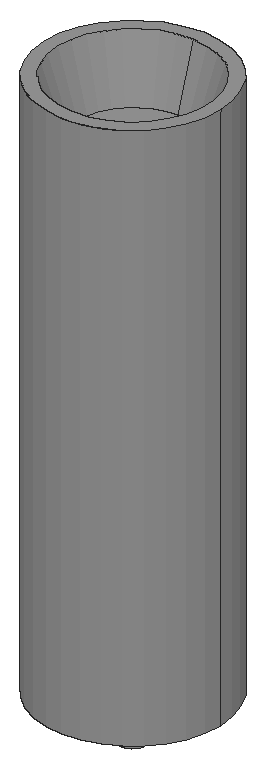
Revit family "2061016 Sylvania Lighting Fixture TubiXx LED surface 3000K white-white", category Lighting Fixtures, host Face, Revit 2016
Family settings
  Host = Face
  Part Type = Normal
  Round Connector Dimension = Use Diameter
  OmniClass Number = 23.80.70.00
  OmniClass Title = Lighting
  Cut with Voids When Loaded = No
  Light Source = Yes
  Shared = No
  Room Calculation Point = No
Parameters (values of type "2061016 TUBIXX LED SURFACE 3000K WHITE-WHITE")
  Weight = "n/a"
  Wattage Comments = ""
  Wattage = 9.2903 W
  WarrantyStartDate [instance] = "n/a"
  WarrantyGuarantorParts = "n/a"
  WarrantyDurationUnit = "n/a"
  WarrantyDurationParts = ""
  WarrantyDescription = "http://www.sylvania-lighting.com"
  built-in parameter 1150110 = 1 (stored number, unit not read)
  Voltage = 0 V
  URL = "0.95"
  TypeName = "TubiXx LED surface 3000K white-white"
  Type Image = <None>
  Type Comments = "n/a"
  Tube Recess = 28 mm
  Tube Diameter = 80 mm
  built-in parameter 1114217 = 1 (stored number, unit not read)
  Tilt Angle = 90.00°
  built-in parameter 1150109 = 1 (stored number, unit not read)
  built-in parameter 1150134 = 3
  built-in parameter 1150113 = 1 (stored number, unit not read)
  SerialNumber [instance] = "n/a"
  Photometric Web File = "2061016.ies"
  Material_3_FEILO = none
  PowerFactor = 0
  PowerConsumption = "Lighting"
  NominalLength = 0 mm
  NominalHeight = 0 mm
  NominalDepth = 0 mm
  Name = "TubiXx LED surface 3000K white-white"
  ModelReference = Name  # "TubiXx LED surface 3000K white-white"
  ModelNumber = "2061016"
  Model = Name  # "TubiXx LED surface 3000K white-white"
  Material = "Feilo Sylvania"
  ManufacturerName = "91 lm/W"
  Manufacturer = ""
  LuminousEfficacy = ""
  built-in parameter 1150105 = 109.82 (stored number, unit not read)
  Lumens = 1380 lm
  LuminaireType = "0"
  built-in parameter 1150115 = 1 (stored number, unit not read)
  LightOutputRatio = "LED"
  built-in parameter 1150137 = (empty or 0)
  built-in parameter 1150139 = (empty or 0)
  LampsType = Lamp  # "n/a"
  LampNominalLuminous = "3000 K"
  LampMacAdamStep = "92"
  LampColourTemperature = "LED"
  LampColourRenderingIndex = "16500"
  built-in parameter 1150112 = 1 (stored number, unit not read)
  built-in parameter 1150114 = 1 (stored number, unit not read)
  Lamp = "n/a"
  Keynote = "n/a"
  InstallationDate [instance] = "n/a"
  InputVoltage = "0"
  InputNominalFrequency = "3000"
  built-in parameter 1150132 = (empty or 0)
  built-in parameter 1150102 = (empty or 0)
  built-in parameter 1150107 = 3200 (stored number, unit not read)
  built-in parameter 1150138 = (empty or 0)
  IngressProtection = "IfcLightFixtureType"
  ImpactProtectionIndex = "IfcLightFixtureType"
  built-in parameter 1150106 = 1.0982 (stored number, unit not read)
  IfcExportType = "IfcLightFixtureType"
  IfcExportAs = "Class I"
  Height = 250 mm
  ExpectedLife = 50000
  Emit from Circle Diameter = 609.6 mm
  Emit Shape Visible in Rendering = no
  ElectricShockClassification = "91"
  built-in parameter 1150104 = 13.8 (stored number, unit not read)
  DurationUnit = "hours"
  DocumentationLiterature = "http://www.sylvania-lighting.com/product/en-int/products/2061016"
  DimmingControlOptions = "n/a"
  Material_2_FEILO = none
  Dimming Lamp Color Temperature Shift = <None>
  Description = "TubiXx LED Surface Mounted is a decorative Surface Mounted fixture with integrated driver, equipped with an integrated non-dimmable LED driver, White finish with White reflector, colour temperature 3000K, 14W, 1267lm, 91lm/W, IP20, IK02, Class I. Dimensions 250mmx80mm."
  Default Elevation = 1219.2 mm
  CreatedOn = "22/11/2019"
  CreatedBy = "@sylvania-lighting.com"
  Cost = 0
  Color Filter = 16777215
  built-in parameter 1114216 [instance] = (empty or 0)
  ClassificationValue = "EF_70_80"
  ClassificationName = "Uniclass2015"
  Material_1_FEILO = none
  Cable Clamp Height = 20 mm
  BarCode [instance] = "n/a"
  built-in parameter 1114218 = 1 (stored number, unit not read)
  built-in parameter 1150133 = 10 (stored number, unit not read)
  AssetType = "Fixed"
  AssetIdentifier [instance] = "n/a"
  Assembly Code = "D5020200"
  Apparent Load = 14 VA
  Material_4_FEILO = none
Reference planes
  plane 1 "Center (Front/Back)": y = 0
  plane 2: z = 0
  plane 3 "Center (Left/Right)": x = 0
  plane 4: x = 40
  plane 5: x = -40
  plane 6: y = 40
  plane 7: y = -40
  plane 8: z = 250
  plane 9: z = 0
  plane 10: z = 222
Forms (mm)
  Extrusion 1, solid, material "Aluminum", detail levels medium+fine
    sketch origin (4.2, 0, 0) x (1, 0, 0) y (0, 1, 0)
      loop
        circle (-4.2, 0) r 40
    from 0 to 250
  Blend 2, void
    base sketch origin (4.2, 0, 0) x (0, 1, 0) y (-1, 0, 0)
      loop
        circle (0, 4.2) r 25
    top sketch origin (4.2, 0, 0) x (0, 1, 0) y (-1, 0, 0)
      loop
        circle (0, 4.2) r 34
    from 222 to 250
  Extrusion 3, solid, material "Plastic, Opaque Black", detail levels fine
    sketch origin (3.621, -0.001, 0) x (0, 1, 0) y (1, 0, 0)
      loop
        circle (0.002, -3.635) r 6
    from 0 to 20
  Extrusion 4, solid, detail levels coarse
    sketch origin (4.2, 0, 0) x (0, 1, 0) y (1, 0, 0)
      loop
        line (39.967, 35.75) -> (-40.071, 35.75) -> (-40.071, -44.142) -> (39.967, -44.142) -> (39.967, 35.75)
    from -250 to 0
  Extrusion 5, solid, material "Glass, White, High Luminance", detail levels fine
    sketch origin (4.2, 0, 222) x (0, 1, 0) y (-1, 0, 0)
      loop
        circle (0.004, 4.166) r 25.024
    from 0 to 1
Cuts and joins
  Blend 2 cuts Extrusion 1
Dimensions and locks
  "Tube Diameter": plane 5 to plane 4
  equal spacing: plane 5, plane 3 "Center (Left/Right)", plane 4
  "Tube Diameter": plane 6 to plane 7
  equal spacing: plane 6, plane 1 "Center (Front/Back)", plane 7
  "Height": plane 8 to host face
  "Tube Recess": plane 8 to plane 10
  aligned and locked: plane 2 to host face
  aligned and locked: level to host face
Automatic sketch dimensions
  host sketch curve to host sketch curve = 2438.4 mm  (x2)
  plane 1 "Center (Front/Back)" to Extrusion 1 sketch curve = 0 mm
  Extrusion 1 sketch curve to plane 3 "Center (Left/Right)" = 0 mm
  plane 1 "Center (Front/Back)" to Blend 2 sketch curve = 0 mm  (x2)
  Blend 2 sketch curve to plane 3 "Center (Left/Right)" = 0 mm  (x2)
  Extrusion 4 sketch curve to Extrusion 4 sketch curve = 80.038 mm
  Extrusion 4 sketch curve to Extrusion 4 sketch curve = 79.892 mm
  radius of Extrusion 1 sketch curve = 40 mm
  radius of Blend 2 sketch curve = 25 mm
  radius of Blend 2 sketch curve = 34 mm
  radius of Extrusion 3 sketch curve = 6 mm
  radius of Extrusion 5 sketch curve = 25.024 mm
Connectors
  electrical at (-0.015, 0.001, -20)
    settings: on Extrusion 3, index 1, voltage 0 V, apparent load 0 VA, apparent load phase1 0 VA, apparent load phase2 0 VA, apparent load phase3 0 VA, power factor 1, load classification "Other", number of poles 1, system type 31, power factor state 1, is connector primary yes, connector utility no, sub classification motor no, connector description ""
  electrical at (0, 0, 250)
    settings: on cut or joined group of Extrusion 1, Blend 2, index 2, voltage 0 V, apparent load 0 VA, apparent load phase1 0 VA, apparent load phase2 0 VA, apparent load phase3 0 VA, power factor 1, load classification "Other", number of poles 1, system type 31, power factor state 1, is connector primary no, connector utility no, sub classification motor no, connector description ""
